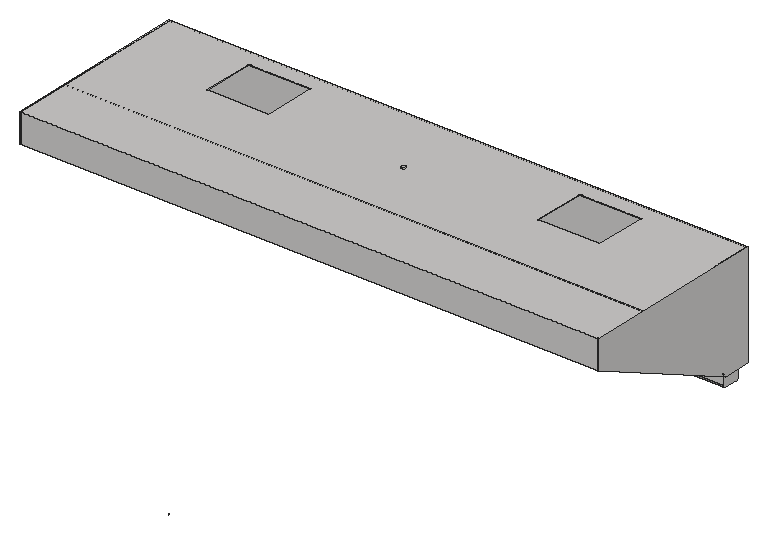
Revit family "QF_ELECTROLUXPROFESSIONAL_644187_AMPV928BT", category Attrezzature speciali, Revit 2021
Family settings
  Quota connettore circolare = Usa diametro
  Tipo di parte = Normale
  Basato su piano di lavoro = No
  Sempre verticale = Sì
  Taglio con vuoti quando caricato = No
  Condiviso = No
  Punto di calcolo locali = No
Parameters (values of type "Standard")
  Weight = 92.00 kg
  Watts = 840 W
  Volts = 220 V
  URL Manufacturer = "https://www.electroluxprofessional.com/"
  URL = "https://www.electroluxprofessional.com/"
  Steam Supply Size = 0 mm
  Steam Supply Minimum Pressure = 0.0 Pa
  Steam Supply Maximum Pressure = 0.0 Pa
  Steam Consumption per Hour = 0
  Refrigeration Suction Line Size = 0 mm
  Refrigeration Liquid Line Size = 0 mm
  Refrigerant Compressor Remote = yes
  Prospetto di default = 0 mm
  Produttore = "Electrolux Professional"
  Phase = 1
  Modello = "AMPV928BT"
  Length Actual = 2800 mm  # constant formula
  Item Number = "644187"
  Hot Water Size = 0 mm
  Height Actual = 500 mm  # constant formula
  HP = "1.1 HP"
  Gas Size = 0 mm
  Gas KW = 0
  Gas Input Pressure = 0 W
  Direct Waste Size = 0 mm
  Descrizione = "430 S/S WALL HOOD+FILTERS+FAN 2800X900MM"
  Depth Actual = 900 mm  # constant formula
  Cycle = 50 Hz
  Condensate Return Size = 0 mm
  Compressed Air Volume = 0.0 L/s
  Compressed Air Size = 0 mm
  Compressed Air Pressure = 0.0 Pa
  Cold Water Size = 0 mm
  Accessory = yes
Reference planes
  plane 1: z = 0
  plane 2 "Center (Left/Right)": x = 150
  plane 3 "LEFT": x = -1250
  plane 4 "RIGHT": x = 1550
  plane 5 "BACK": y = 550
  plane 6 "Plane": z = 2000
  plane 7 "TOP": z = 2140
  plane 8 "Base": z = 1640
  plane 9: z = 1566
  plane 10 "DrainY": y = 485
  plane 11: x = -1247
  plane 12: through (0, 414.509, 1640.8) normal (0, 0.7314, 0.682)
  plane 13: y = 470
  plane 14: y = 220
  plane 15 "DrainX": x = 1430
  plane 16: x = -500
  plane 17: x = 800
  plane 18: x = -800
  plane 19: x = 1100
  plane 20: x = 1547
  plane 21: x = 1340
  plane 22: x = 1520
  plane 23: x = -1210
  plane 24: x = -845
  plane 25: x = -450
  plane 26: x = 1510
  plane 27: x = 1145
  plane 28: x = 750
  plane 29: y = -350
  plane 30 "Center (Front/Back)": y = 100
Forms (mm)
  Extrusion 1, solid, material "QF_Finishes_Stainless Steel"
    sketch origin (-1250, 0, 0) x (0, 1, 0) y (0, 0, 1)
      loop
        line (550, 1640) -> (550, 2140) -> (-350, 2140) -> (-350, 2000) -> (415.255, 1640) -> (550, 1640)
    from 0 to 3
  Extrusion 2, solid, material "QF_Finishes_Stainless Steel"
    sketch origin (150, 0, 0) x (0, 1, 0) y (0, 0, 1)
      loop
        line (415.255, 1640) -> (550, 1640) -> (550, 2139.19) -> (549.2, 2139.19) -> (549.2, 1640.8) -> (415.876, 1640.8) -> (339.347, 1722.867) -> (349.609, 1732.436) -> (348.927, 1733.167) -> (337.934, 1722.917) -> (415.255, 1640)
      loop
        line (-82.203, 2139.19) -> (-82.203, 2118.6) -> (-31.047, 2118.6) -> (34.354, 2048.466) -> (46.028, 2059.352) -> (45.346, 2060.083) -> (34.403, 2049.879) -> (-30.612, 2119.6) -> (-81.203, 2119.6) -> (-81.203, 2139.19) -> (-82.203, 2139.19)
    from -1397 to 1397
  Extrusion 3, solid, material "QF_Finishes_Stainless Steel"
    sketch origin (1550, 0, 0) x (0, 1, 0) y (0, 0, 1)
      loop
        line (550, 1640) -> (550, 2140) -> (-350, 2140) -> (-350, 2000) -> (415.255, 1640) -> (550, 1640)
    from 0 to -3
  Extrusion 4, solid, material "QF_Finishes_Stainless Steel"
    sketch origin (150, 0, 0) x (0, 1, 0) y (0, 0, 1)
      loop
        line (-350, 2140) -> (-350, 2000) -> (-349.2, 2000) -> (-349.2, 2139.19) -> (550, 2139.19) -> (550, 2140) -> (-350, 2140)
    from -1400 to 1400
  Extrusion 5, solid, material "QF_Finishes_Stainless Steel"
    sketch origin (150, 0, 0) x (0, 1, 0) y (0, 0, 1)
      loop
        line (534, 1640) -> (436, 1640) -> (436, 1627) -> (443.5, 1627) -> (443.5, 1576)
        arc (443.5, 1576) -> (446.429, 1568.929) -> (453.5, 1566) r 10
        line (453.5, 1566) -> (516.5, 1566)
        arc (516.5, 1566) -> (523.571, 1568.929) -> (526.5, 1576) r 10
        line (526.5, 1576) -> (526.5, 1627) -> (534, 1627) -> (534, 1640)
    from 1190 to 1370
  Extrusion 6, solid, material "QF_Finishes_Stainless Steel"
    sketch origin (0, 0, 1640) x (0, 1, 0) y (-1, 0, 0)
      loop
        circle (485, -1430) r 20
    from -76 to -74
  Extrusion 7, solid, material "QF_Finished_Chrome"
    sketch origin (150, 0, 0) x (0, 1, 0) y (0, 0, 1)
      loop
        line (337.934, 1722.917) -> (341.591, 1726.327) -> (38.011, 2051.876) -> (34.354, 2048.466) -> (337.934, 1722.917)
    from -995 to -1360
  Extrusion 8, solid, material "QF_Finished_Chrome"
    sketch origin (150, 0, 0) x (0, 1, 0) y (0, 0, 1)
      loop
        line (337.934, 1722.917) -> (341.591, 1726.327) -> (38.011, 2051.876) -> (34.354, 2048.466) -> (337.934, 1722.917)
    from 600 to -600
  Extrusion 9, solid, material "QF_Finishes_Stainless Steel"
    sketch origin (150, 0, 0) x (0, 1, 0) y (0, 0, 1)
      loop
        line (337.934, 1722.917) -> (341.591, 1726.327) -> (38.011, 2051.876) -> (34.354, 2048.466) -> (337.934, 1722.917)
    from 1397 to 1360
  Extrusion 10, solid, material "QF_Finishes_Stainless Steel"
    sketch origin (150, 0, 0) x (0, 1, 0) y (0, 0, 1)
      loop
        line (341.588, 1726.324) -> (38.009, 2051.874) -> (34.354, 2048.466) -> (337.934, 1722.917) -> (341.588, 1726.324)
    from -995 to -600
  Extrusion 11, solid, material "QF_Finished_Chrome"
    sketch origin (150, 0, 0) x (0, 1, 0) y (0, 0, 1)
      loop
        line (341.588, 1726.324) -> (38.009, 2051.874) -> (34.354, 2048.466) -> (337.934, 1722.917) -> (341.588, 1726.324)
    from 995 to 1360
  Extrusion 12, void
    sketch origin (0, 0, 2140) x (0, 1, 0) y (-1, 0, 0)
      loop
        line (470, 800) -> (220, 800) -> (220, 500) -> (470, 500) -> (470, 800)
    from 0 to -10
  Extrusion 13, void
    sketch origin (940, 0, 2140) x (0, 1, 0) y (-1, 0, 0)
      loop
        line (470, 140) -> (220, 140) -> (220, -160) -> (470, -160) -> (470, 140)
    from 0 to -10
  Extrusion 14, solid, material "QF_Finishes_Stainless Steel"
    sketch origin (0, 0, 0) x (1, 0, 0) y (0, 1, 0)
      loop
        line (-1250, 550) -> (-1250, 549) -> (-1249, 549) -> (-1249, 550) -> (-1250, 550)
    from 0 to 1
  Extrusion 15, solid, material "QF_Finishes_Stainless Steel"
    sketch origin (150, 0, 0) x (0, 1, 0) y (0, 0, 1)
      loop
        line (337.934, 1722.917) -> (341.591, 1726.327) -> (38.011, 2051.876) -> (34.354, 2048.466) -> (337.934, 1722.917)
    from -1360 to -1397
  Extrusion 16, solid, material "QF_Finishes_Stainless Steel"
    sketch origin (150, 0, 0) x (0, 1, 0) y (0, 0, -1)
      loop
        line (341.588, -1726.324) -> (337.934, -1722.917) -> (34.354, -2048.466) -> (38.009, -2051.874) -> (341.588, -1726.324)
    from -995 to -600
  Extrusion 17, solid, material "QF_Finishes_Stainless Steel"
    sketch origin (0, 0, 2140) x (0, 1, 0) y (-1, 0, 0)
      loop
        circle (220, -150) r 10
    from 0 to 1.6
Cuts and joins
  Extrusion 12, Extrusion 13 cuts Extrusion 4
  joined: Extrusion 2, Extrusion 4
Lines and regions (mm)
  reference lines
    curve 1: line (150, 34.354, 2048.466) -> (150, 34.354, 1888.466)
  symbolic lines, style "SpecialityEquipment", detail levels coarse
    curve 2: line (1550, 550, 2140) -> (-1250, 550, 2140)
    curve 3: line (-1250, 550, 2140) -> (-1250, -350, 2140)
    curve 4: line (1550, -350, 2140) -> (1550, 550, 2140)
    curve 5: line (-1250, -350, 2140) -> (1550, -350, 2140)
    curve 6: line (-800, 220, 2140) -> (-500, 220, 2140)
    curve 7: line (-800, 470, 2140) -> (-800, 220, 2140)
    curve 8: line (-500, 470, 2140) -> (-800, 470, 2140)
    curve 9: line (-500, 220, 2140) -> (-500, 470, 2140)
    curve 10: line (800, 470, 2140) -> (800, 220, 2140)
    curve 11: line (800, 220, 2140) -> (1100, 220, 2140)
    curve 12: line (1100, 470, 2140) -> (800, 470, 2140)
    curve 13: line (1100, 220, 2140) -> (1100, 470, 2140)
  symbolic lines, detail levels coarse
    curve 14: line (-1250, -350, 0) -> (1550, 550, 0)
    curve 15: line (1550, -350, 0) -> (-1250, 550, 0)
Dimensions and locks
  plane 3 "LEFT" to plane 4 "RIGHT" = 2800 mm
  equal spacing: plane 3 "LEFT", plane 2 "Center (Left/Right)", plane 4 "RIGHT"
  locked: plane 6 "Plane" to level at 2000
  plane 7 "TOP" to plane 6 "Plane" = 140 mm
  locked: plane 7 "TOP" to plane 8 "Base" at 500
  plane 8 "Base" to plane 9 = 74 mm
  plane 5 "BACK" to plane 10 "DrainY" = 65 mm  (x2)
  plane 3 "LEFT" to plane 11 = 3 mm
  plane 5 "BACK" to plane 13 = 80 mm
  plane 13 to plane 14 = 250 mm  (x2)
  plane 15 "DrainX" to plane 4 "RIGHT" = 120 mm
  locked: plane 16 to plane 17 at 1300
  equal spacing: plane 16, plane 2 "Center (Left/Right)", plane 17
  plane 18 to plane 16 = 300 mm
  plane 17 to plane 19 = 300 mm
  plane 20 to plane 4 "RIGHT" = 3 mm
  locked: plane 21 to plane 15 "DrainX" at 90
  locked: plane 15 "DrainX" to plane 22 at 90
  plane 13 to plane 5 "BACK" = 80 mm
  locked: plane 3 "LEFT" to plane 23 at 40
  locked: plane 23 to plane 24 at 365
  locked: plane 24 to plane 25 at 395
  locked: plane 26 to plane 27 at 365
  locked: plane 27 to plane 28 at 395
  locked: plane 26 to plane 4 "RIGHT" at 40
  plane 25 to plane 28 = 1200 mm
  plane 5 "BACK" to plane 29 = 900 mm  (x2)
  equal spacing: plane 5 "BACK", plane 30 "Center (Front/Back)", plane 29
  plane 14 to plane 29 = 570 mm
  aligned and locked: level to plane 1
  aligned and locked: Extrusion 2 to Extrusion 1
  aligned and locked: Extrusion 2 to Extrusion 3
  aligned and locked: plane 4 "RIGHT" to Extrusion 4
  aligned and locked: Extrusion 4 to plane 3 "LEFT"
  aligned and locked: plane 20 to Extrusion 9
  aligned and locked: plane 18 to Extrusion 12
  aligned and locked: Extrusion 12 to plane 16
  aligned and locked: Extrusion 12 to plane 14
  aligned and locked: Extrusion 12 to plane 13
  aligned and locked: Extrusion 13 to plane 19
  aligned and locked: plane 17 to Extrusion 13
  aligned and locked: Extrusion 2 to Extrusion 4
  aligned and locked: plane 22 to Extrusion 5
  aligned and locked: Extrusion 5 to plane 21
  aligned and locked: Extrusion 9 to plane 26
  aligned and locked: Extrusion 11 to plane 26
  aligned and locked: Extrusion 11 to plane 27
  aligned and locked: Extrusion 8 to plane 28
  aligned and locked: Extrusion 8 to plane 25
  aligned and locked: plane 25 to Extrusion 10
  aligned and locked: Extrusion 10 to plane 24
  aligned and locked: plane 24 to Extrusion 7
  aligned and locked: Extrusion 7 to plane 23
  aligned and locked: Extrusion 15 to plane 11
  aligned and locked: plane 23 to Extrusion 15
  aligned and locked: Extrusion 16 to plane 28
  aligned and locked: Extrusion 16 to plane 27
  aligned and locked: Extrusion 3 to plane 20
Automatic sketch dimensions
  curve 5 to plane 3 "LEFT" = 0 mm
  curve 9 to plane 14 = 0 mm
  curve 10 to plane 14 = 0 mm
  plane 13 to curve 8 = 0 mm
  plane 13 to curve 12 = 0 mm
  curve 3 to plane 5 "BACK" = 0 mm
  curve 5 to plane 4 "RIGHT" = 0 mm
  curve 11 to plane 19 = 0 mm
  curve 10 to plane 17 = 0 mm
  curve 6 to plane 16 = 0 mm
  curve 6 to plane 18 = 0 mm
  Extrusion 2 sketch curve to plane 12 = 0 mm  (x3)
  Extrusion 2 sketch curve to plane 8 "Base" = 0 mm
  plane 12 to Extrusion 2 sketch curve = 0 mm
  Extrusion 2 sketch curve to plane 5 "BACK" = 0 mm
  Extrusion 2 sketch curve to Extrusion 2 sketch curve = 65.646 mm
  Extrusion 2 sketch curve to Extrusion 2 sketch curve = 0.682 mm  (x2)
  Extrusion 2 sketch curve to Extrusion 2 sketch curve = 10.261 mm
  plane 8 "Base" to Extrusion 2 sketch curve = 82.917 mm
  Extrusion 2 sketch curve to Extrusion 2 sketch curve = 10.942 mm
  Extrusion 2 sketch curve to Extrusion 2 sketch curve = 0.049 mm
  Extrusion 2 sketch curve to plane 7 "TOP" = 20.4 mm
  Extrusion 2 sketch curve to plane 7 "TOP" = 21.4 mm
  Extrusion 2 sketch curve to plane 7 "TOP" = 0.81 mm  (x2)
  Extrusion 2 sketch curve to Extrusion 2 sketch curve = 50.156 mm
  Extrusion 2 sketch curve to Extrusion 2 sketch curve = 1 mm
  plane 8 "Base" to Extrusion 2 sketch curve = 0.8 mm
  Extrusion 2 sketch curve to plane 5 "BACK" = 0.8 mm
  Extrusion 4 sketch curve to plane 6 "Plane" = 0 mm
  Extrusion 4 sketch curve to plane 5 "BACK" = 0 mm
  Extrusion 4 sketch curve to plane 7 "TOP" = 0 mm
  Extrusion 4 sketch curve to plane 7 "TOP" = 0.81 mm
  curve 1 to plane 12 = 0 mm
  curve 1 to plane 6 "Plane" = 111.534 mm
  Extrusion 5 sketch curve to plane 8 "Base" = 0 mm
  Extrusion 5 sketch curve to plane 9 = 0 mm
  Extrusion 5 sketch curve to plane 8 "Base" = 13 mm  (x2)
  plane 13 to Extrusion 5 sketch curve = 34 mm
  Extrusion 5 sketch curve to Extrusion 5 sketch curve = 7.5 mm  (x2)
  Extrusion 5 sketch curve to Extrusion 5 sketch curve = 10 mm
  plane 10 "DrainY" to Extrusion 5 sketch curve = 31.5 mm
  Extrusion 5 sketch curve to plane 5 "BACK" = 23.5 mm
  Extrusion 6 sketch curve to plane 10 "DrainY" = 0 mm
  Extrusion 6 sketch curve to plane 15 "DrainX" = 0 mm
  Extrusion 7 sketch curve to plane 12 = 0 mm  (x2)
  Extrusion 7 sketch curve to Extrusion 7 sketch curve = 3.657 mm
  plane 8 "Base" to Extrusion 7 sketch curve = 82.917 mm
  Extrusion 8 sketch curve to plane 12 = 0 mm  (x2)
  Extrusion 8 sketch curve to Extrusion 8 sketch curve = 3.657 mm
  plane 8 "Base" to Extrusion 8 sketch curve = 82.917 mm
  Extrusion 9 sketch curve to plane 12 = 0 mm  (x2)
  Extrusion 9 sketch curve to Extrusion 9 sketch curve = 3.657 mm
  plane 8 "Base" to Extrusion 9 sketch curve = 82.917 mm
  Extrusion 10 sketch curve to plane 12 = 0 mm  (x2)
  Extrusion 10 sketch curve to Extrusion 10 sketch curve = 3.655 mm
  plane 8 "Base" to Extrusion 10 sketch curve = 82.917 mm
  Extrusion 11 sketch curve to plane 12 = 0 mm  (x2)
  Extrusion 11 sketch curve to Extrusion 11 sketch curve = 3.655 mm
  plane 8 "Base" to Extrusion 11 sketch curve = 82.917 mm
  Extrusion 12 sketch curve to plane 14 = 0 mm
  plane 13 to Extrusion 12 sketch curve = 0 mm
  Extrusion 12 sketch curve to plane 16 = 0 mm
  Extrusion 12 sketch curve to plane 18 = 0 mm
  Extrusion 13 sketch curve to plane 14 = 0 mm
  plane 13 to Extrusion 13 sketch curve = 0 mm
  Extrusion 13 sketch curve to plane 19 = 0 mm
  Extrusion 13 sketch curve to plane 17 = 0 mm
  Extrusion 14 sketch curve to plane 3 "LEFT" = 0 mm
  Extrusion 14 sketch curve to plane 5 "BACK" = 0 mm
  plane 3 "LEFT" to Extrusion 14 sketch curve = 1 mm
  Extrusion 14 sketch curve to plane 5 "BACK" = 1 mm
  Extrusion 15 sketch curve to plane 12 = 0 mm  (x2)
  Extrusion 15 sketch curve to Extrusion 15 sketch curve = 3.657 mm
  plane 8 "Base" to Extrusion 15 sketch curve = 82.917 mm
  Extrusion 16 sketch curve to plane 12 = 0 mm  (x2)
  Extrusion 16 sketch curve to Extrusion 16 sketch curve = 3.655 mm
  plane 8 "Base" to Extrusion 16 sketch curve = 82.917 mm
  Extrusion 4 sketch curve to Extrusion 4 sketch curve = 0.8 mm
  curve 5 to plane 29 = 0 mm
  plane 6 "Plane" to Extrusion 2 sketch curve = 48.466 mm
  plane 29 to Extrusion 4 sketch curve = 0.8 mm
  curve 1 to plane 14 = 185.646 mm
  plane 6 "Plane" to Extrusion 7 sketch curve = 51.876 mm
  plane 6 "Plane" to Extrusion 8 sketch curve = 51.876 mm
  plane 6 "Plane" to Extrusion 9 sketch curve = 51.876 mm
  plane 6 "Plane" to Extrusion 10 sketch curve = 51.874 mm
  plane 6 "Plane" to Extrusion 11 sketch curve = 51.874 mm
  plane 6 "Plane" to Extrusion 15 sketch curve = 51.876 mm
  plane 6 "Plane" to Extrusion 16 sketch curve = 51.874 mm
  Extrusion 3 sketch curve to plane 5 "BACK" = 0 mm
  Extrusion 3 sketch curve to plane 7 "TOP" = 0 mm
  Extrusion 3 sketch curve to plane 6 "Plane" = 0 mm
  Extrusion 1 sketch curve to plane 8 "Base" = 0 mm
  plane 12 to Extrusion 1 sketch curve = 0 mm
  Extrusion 1 sketch curve to plane 5 "BACK" = 0 mm
  Extrusion 1 sketch curve to plane 7 "TOP" = 0 mm
  Extrusion 1 sketch curve to plane 29 = 0 mm
  Extrusion 1 sketch curve to plane 6 "Plane" = 0 mm
  Extrusion 3 sketch curve to plane 29 = 0 mm
  Extrusion 3 sketch curve to plane 8 "Base" = 0 mm
  plane 12 to Extrusion 3 sketch curve = 0 mm
  curve 15 to plane 3 "LEFT" = 0 mm
  curve 14 to plane 3 "LEFT" = 0 mm
  curve 15 to plane 4 "RIGHT" = 0 mm
  curve 14 to plane 4 "RIGHT" = 0 mm
  curve 15 to plane 29 = 0 mm
  curve 14 to plane 29 = 0 mm
  curve 15 to plane 5 "BACK" = 0 mm
  curve 14 to plane 5 "BACK" = 0 mm
  Extrusion 17 sketch curve to plane 2 "Center (Left/Right)" = 0 mm
  Extrusion 17 sketch curve to plane 14 = 0 mm
  radius of Extrusion 6 sketch curve = 20 mm
  radius of Extrusion 17 sketch curve = 10 mm
Connectors
  piping at (1430, 485, 1564), diameter 20
    settings: on Extrusion 6, index 1, connector inside diameter 609.6 mm, connector length 0 mm, flow factor 0, pipe flow 0.0 L/s, pressure drop 0.0 Pa, fitting loss kfactor 0, connector angle 0.00°, fixture units 0, engagement length 0 mm, angle of deflection 0.00°, flow configuration 1, flow direction 2, fitting loss method 0, system type 16, joint type 0, gender type 0, connector reference index -1, connector utility 0, adjustable connector no, is connector primary yes, connector description "Drain"
  hvac at (-650, 345, 2140)
    settings: on Extrusion 12, index 2, duct flow 0.0 L/s, flow factor 0, pres drop 0.0 Pa, loss coef 0, conn angle 0.00°, conn width 250 mm, conn height 300 mm, conn diameter 609.6 mm, duct sys type 3, conn prof type 1, flow config 1, flow direction 2, loss method 0, conn ref index -1, conn util no, is conn primary yes, conn desc "EXHAUST OUTLET"
  hvac at (950, 345, 2140)
    settings: on Extrusion 13, index 3, duct flow 0.0 L/s, flow factor 0, pres drop 0.0 Pa, loss coef 0, conn angle 0.00°, conn width 250 mm, conn height 300 mm, conn diameter 609.6 mm, duct sys type 3, conn prof type 1, flow config 1, flow direction 2, loss method 0, conn ref index -1, conn util no, is conn primary no, conn desc "EXHAUST OUTLET"
  electrical at (150, 220, 2140), driven by "Volts"
    settings: on Extrusion 17, index 4, voltage 220 V, apparent load 0 VA, apparent load phase1 0 VA, apparent load phase2 0 VA, apparent load phase3 0 VA, power factor 1, load classification "Other", number of poles 1, system type 30, power factor state 1, is connector primary yes, connector utility no, sub classification motor no, connector description "Electrical Connection"
